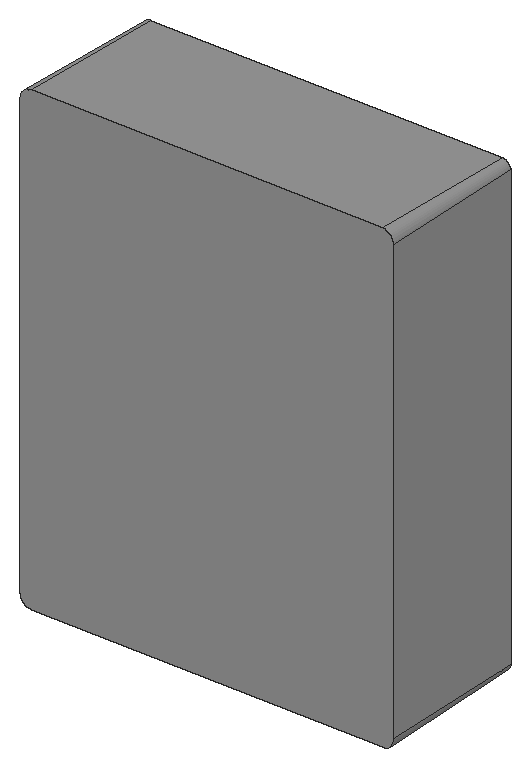
Revit family "L&L_LUCE&LIGHT_PASITO_MINI_1.2", category Lighting Fixtures, host Wall, Revit 2018 (continued)
Parameters (values of type "PASITO_MINI_1.2 – 60°")
    \n12.89 16.72 21.08 26.29 33.01 40.59 48.41 55.57 60.54 \r\n64.26 67.62 70.80 73.95 77.25 80.47 83.46 86.51 89.68 \r\n92.64 95.45 98.31 101.04 103.60 106.25 108.59 111.04 \r\n113.36 115.34 117.24 119.10 120.81 122.32 123.56 124.68 \r\n125.69 126.55 127.21 127.63 127.96 127.94 127.75 127.50 \r\n127.07 126.49 125.70 124.71 123.59 122.31 120.85 119.20 \r\n117.35 115.26 112.91 110.29 107.41 104.21 100.68 96.76 \r\n92.48 87.88 82.91 77.58 72.09 66.58 61.17 55.99 51.18 \r\n46.81 42.85 39.34 36.27 33.60 31.26 29.21 27.41 25.83 \r\n24.43 23.19 22.09 21.10 20.20 19.38 18.61 17.87 17.18 \r\n16.53 15.93 15.37 14.86 14.39 13.96 13.56 13.18 12.84 \r\n12.53 12.24 11.96 11.72 11.50 11.29 11.09 10.91 10.74 \r\n10.58 10.42 10.21 9.94 9.65 9.38 9.13 8.92 8.74 8.56 8.39 \r\n8.20 7.98 7.78 7.60 7.42 7.25 7.05 6.85 6.66 6.47 6.29 \r\n6.07 5.90 5.72 5.53 5.35 5.15 4.97 4.80 4.62 4.43 4.26 \r\n4.07 3.90 3.73 3.55 3.38 3.22 3.06 2.89 2.73 2.58 2.43 \r\n2.28 2.13 1.99 1.86 1.73 1.59 1.46 1.33 1.22 1.11 1.00 \r\n0.89 0.78 0.68 0.58 0.49 0.40 0.31 0.23 0.15 0.07 0.02 \r\n0.02 \r\n0.01 0.08 0.54 1.22 1.58 2.09 3.12 4.48 6.29 8.49 11.12 \r\n14.63 18.91 23.85 30.31 38.10 46.23 54.34 60.48 64.66 \r\n68.37 71.94 75.40 79.11 82.69 86.09 89.65 93.26 96.62 \r\n99.78 103.04 106.34 109.51 112.40 115.19 118.14 120.89 \r\n123.34 125.74 127.96 129.97 131.92 133.54 134.84 136.03 \r\n137.13 138.02 138.60 138.97 139.31 139.37 139.10 138.83 \r\n138.40 137.69 136.87 135.87 134.69 133.36 131.84 130.08 \r\n128.08 125.83 123.32 120.46 117.24 113.64 109.62 105.14 \r\n100.18 94.71 88.89 82.89 76.80 70.71 64.82 59.20 53.96 \r\n49.25 45.04 41.30 38.01 35.14 32.63 30.44 28.52 26.84 \r\n25.36 24.04 22.88 21.83 20.88 20.01 19.21 18.46 17.74 \r\n17.06 16.44 15.87 15.35 14.87 14.43 14.02 13.65 13.30 \r\n12.98 12.69 12.41 12.16 11.93 11.72 11.52 11.35 11.17 \r\n11.00 10.83 10.68 10.48 10.19 9.90 9.65 9.41 9.16 8.97 \r\n8.78 8.58 8.41 8.19 7.98 7.79 7.59 7.42 7.21 7.00 6.83 \r\n6.62 6.42 6.21 6.02 5.83 5.63 5.45 5.24 5.06 4.86 4.68 \r\n4.49 4.30 4.13 3.93 3.74 3.58 3.40 3.22 3.05 2.88 2.72 \r\n2.56 2.41 2.26 2.10 1.96 1.82 1.68 1.54 1.40 1.28 1.16 \r\n1.05 0.93 0.82 0.71 0.61 0.51 0.41 0.32 0.24 0.16 0.08 \r\n0.02 0.02 \r\n0.01 0.08 0.58 1.28 1.61 2.21 3.33 4.79 6.75 9.14 12.14 \r\n16.07 20.69 26.38 33.86 42.32 50.92 58.82 63.91 67.94 \r\n71.90 75.61 79.55 83.57 87.32 91.24 95.22 98.92 102.40 \r\n106.00 109.76 113.26 116.72 120.13 123.31 126.38 129.18 \r\n131.86 134.40 136.60 138.68 140.60 142.24 143.54 144.69 \r\n145.65 146.36 146.79 146.98 147.00 146.85 146.46 145.90 \r\n145.16 144.26 143.20 142.02 140.72 139.22 137.55 135.67 \r\n133.56 131.21 128.64 125.63 122.19 118.41 114.14 109.43 \r\n104.23 98.48 92.27 85.90 79.52 73.08 66.98 61.34 55.94 \r\n51.00 46.61 42.73 39.32 36.33 33.70 31.42 29.43 27.67 \r\n26.11 24.72 23.50 22.40 21.41 20.52 19.69 18.90 18.15 \r\n17.46 16.84 16.25 15.72 15.24 14.79 14.38 14.01 13.66 \r\n13.34 13.03 12.75 12.50 12.27 12.05 11.86 11.67 11.49 \r\n11.33 11.16 10.99 10.83 10.62 10.31 10.01 9.78 9.53 9.29 \r\n9.12 8.91 8.70 8.52 8.30 8.08 7.91 7.68 7.50 7.29 7.07 \r\n6.91 6.68 6.47 6.27 6.05 5.87 5.65 5.47 5.26 5.07 4.87 \r\n4.67 4.50 4.29 4.10 3.92 3.71 3.53 3.37 3.18 3.01 2.84 \r\n2.67 2.51 2.35 2.19 2.04 1.90 1.75 1.60 1.46 1.33 1.21 \r\n1.08 0.96 0.85 0.73 0.63 0.53 0.43 0.34 0.25 0.16 0.08 \r\n0.02 0.02 \r\n0.01 0.08 0.60 1.32 1.62 2.30 3.49 5.03 7.10 9.63 12.92 \r\n17.09 22.01 28.41 36.51 45.51 54.42 61.54 66.30 70.53 \r\n74.59 78.55 82.94 87.09 91.15 95.48 99.57 103.31 107.30 \r\n111.39 115.10 119.02 122.86 126.22 129.53 132.65 135.56 \r\n138.40 140.80 142.97 145.10 146.79 148.09 149.31 150.15 \r\n150.65 151.00 151.08 150.94 150.55 150.01 149.24 148.32 \r\n147.25 146.04 144.70 143.28 141.71 139.95 138.17 136.17 \r\n133.84 131.46 128.82 125.71 122.26 118.50 114.29 109.47 \r\n104.42 98.89 92.69 86.26 80.09 74.02 67.91 62.23 56.76 \r\n51.81 47.56 43.62 40.15 37.12 34.47 32.12 30.05 28.23 \r\n26.62 25.20 23.94 22.81 21.79 20.87 20.02 19.21 18.43 \r\n17.72 17.09 16.51 15.96 15.47 15.03 14.62 14.24 13.88 \r\n13.56 13.26 12.99 12.74 12.50 12.28 12.07 11.89 11.72 \r\n11.56 11.39 11.22 11.06 10.90 10.64 10.33 10.04 9.81 9.55 \r\n9.33 9.16 8.92 8.72 8.55 8.30 8.11 7.92 7.67 7.50 7.27 \r\n7.07 6.89 6.64 6.46 6.23 6.03 5.83 5.62 5.42 5.20 5.01 \r\n4.82 4.62 4.42 4.23 4.02 3.86 3.63 3.46 3.29 3.10 2.93 \r\n2.75 2.59 2.42 2.25 2.10 1.95 1.80 1.65 1.50 1.37 1.24 \r\n1.11 0.99 0.87 0.75 0.65 0.54 0.44 0.35 0.25 0.17 0.09 \r\n0.02 0.02 \r\n0.01 0.08 0.61 1.36 1.62 2.34 3.58 5.15 7.30 9.92 13.41 \r\n17.70 22.86 29.79 38.15 47.47 56.28 63.09 67.91 72.24 \r\n76.34 80.71 85.33 89.55 93.95 98.45 102.53 106.73 111.17 \r\n115.20 119.14 123.14 126.87 130.55 134.02 137.12 140.05 \r\n142.75 145.03 147.12 148.92 150.35 151.48 152.23 152.71 \r\n152.83 152.78 152.44 151.79 150.97 149.95 148.78 147.42 \r\n146.04 144.49 142.78 141.01 139.22 137.33 135.32 133.17 \r\n130.91 128.53 125.76 122.74 119.56 115.79 111.80 107.35 \r\n102.32 97.12 91.49 85.68 79.67 73.61 67.89 62.19 57.07 \r\n52.14 47.89 43.98 40.63 37.50 34.77 32.42 30.39 28.55 \r\n26.90 25.47 24.18 23.03 22.00 21.06 20.20 19.38 18.61 \r\n17.91 17.24 16.63 16.10 15.61 15.16 14.75 14.37 14.02 \r\n13.69 13.39 13.11 12.86 12.63 12.41 12.20 12.02 11.84 \r\n11.69 11.52 11.35 11.20 11.05 10.83 10.53 10.23 9.98 9.74 \r\n9.47 9.30 9.10 8.85 8.67 8.46 8.22 8.07 7.81 7.61 7.44 \r\n7.18 7.00 6.77 6.56 6.36 6.13 5.94 5.72 5.53 5.31 5.10 \r\n4.91 4.71 4.51 4.31 4.11 3.92 3.73 3.52 3.35 3.17 2.98 \r\n2.81 2.63 2.47 2.30 2.13 1.99 1.83 1.67 1.53 1.39 1.25 \r\n1.13 1.00 0.88 0.76 0.66 0.55 0.45 0.35 0.26 0.17 0.09 \r\n0.02 0.02 \r\n0.01 0.07 0.61 1.37 1.61 2.34 3.61 5.15 7.35 10.00 13.56 \r\n17.85 23.13 30.27 38.68 48.30 56.88 63.91 68.76 73.04 \r\n77.30 81.95 86.66 90.90 95.58 100.07 104.38 108.87 113.38 \r\n117.57 121.60 125.60 129.47 133.30 136.84 139.95 142.83 \r\n145.49 147.73 149.64 151.14 152.34 153.09 153.50 153.58 \r\n153.37 152.85 152.03 151.03 149.87 148.29 146.75 145.09 \r\n143.35 141.44 139.58 137.72 135.72 133.76 131.71 129.65 \r\n127.45 125.00 122.38 119.63 116.52 112.94 109.19 104.84 \r\n100.28 95.45 89.79 84.38 78.94 72.98 67.29 62.11 56.91 \r\n52.31 47.94 44.20 40.79 37.69 35.03 32.70 30.56 28.71 \r\n27.04 25.56 24.25 23.09 22.05 21.12 20.26 19.44 18.68 \r\n17.96 17.30 16.73 16.20 15.69 15.22 14.81 14.42 14.06 \r\n13.75 13.45 13.17 12.91 12.68 12.47 12.26 12.08 11.90 \r\n11.74 11.57 11.41 11.26 11.11 10.92 10.65 10.34 10.07 \r\n9.83 9.57 9.35 9.18 8.93 8.73 8.55 8.30 8.12 7.93 7.67 \r\n7.50 7.27 7.06 6.86 6.61 6.44 6.20 5.99 5.79 5.57 5.37 \r\n5.15 4.97 4.75 4.58 4.35 4.16 3.95 3.75 3.57 3.37 3.20 \r\n3.02 2.83 2.65 2.48 2.32 2.14 2.00 1.84 1.68 1.53 1.40 \r\n1.26 1.13 1.01 0.89 0.77 0.67 0.56 0.45 0.36 0.26 0.17 \r\n0.09 0.02 0.02 \r\n0.01 0.07 0.60 1.38 1.59 2.30 3.58 5.06 7.25 9.87 13.39 \r\n17.59 22.85 29.92 38.17 48.02 56.36 64.00 68.91 73.06 \r\n77.53 82.27 87.08 91.29 96.10 100.56 105.23 109.61 114.22 \r\n118.77 122.65 127.01 130.67 134.63 138.33 141.58 144.51 \r\n147.34 149.81 151.75 153.30 154.55 155.28 155.78 155.84 \r\n155.59 154.99 154.15 152.98 151.73 150.17 148.42 146.67 \r\n144.85 142.81 140.85 138.90 136.77 134.63 132.73 130.51 \r\n128.17 126.04 123.42 120.72 117.63 114.37 110.54 106.89 \r\n102.33 97.32 92.27 86.94 81.13 75.20 70.13 64.53 59.58 \r\n54.69 50.20 46.36 42.67 39.78 36.84 34.40 32.25 30.21 \r\n28.39 26.89 25.52 23.07 22.39 21.40 20.55 19.69 18.92 \r\n18.17 17.56 16.89 16.35 15.86 15.38 14.97 14.52 14.16 \r\n13.86 13.55 13.26 13.03 12.78 12.57 12.36 12.19 12.00 \r\n11.84 11.69 11.52 11.36 11.22 11.03 10.72 10.39 10.15 \r\n9.92 9.62 9.43 9.28 8.99 8.82 8.61 8.34 8.19 7.93 7.73 \r\n7.56 7.29 7.10 6.89 6.64 6.50 6.21 6.04 5.79 5.61 5.38 \r\n5.17 4.99 4.77 4.60 4.38 4.16 3.98 3.73 3.59 3.37 3.21 \r\n3.03 2.83 2.65 2.48 2.33 2.15 2.00 1.85 1.69 1.53 1.41 \r\n1.27 1.14 1.01 0.89 0.77 0.67 0.56 0.45 0.36 0.26 0.17 \r\n0.09 0.02 0.02 \r\n0.01 0.07 0.61 1.37 1.61 2.34 3.61 5.15 7.35 10.00 13.56 \r\n17.85 23.13 30.27 38.68 48.30 56.88 63.91 68.76 73.04 \r\n77.30 81.95 86.66 90.90 95.58 100.07 104.38 108.87 113.38 \r\n117.57 121.60 125.60 129.47 133.30 136.84 139.95 142.83 \r\n145.49 147.73 149.64 151.14 152.34 153.09 153.50 153.58 \r\n153.37 152.85 152.03 151.03 149.87 148.29 146.75 145.09 \r\n143.35 141.44 139.58 137.72 135.72 133.76 131.71 129.65 \r\n127.45 125.00 122.38 119.63 116.52 112.94 109.19 104.84 \r\n100.28 95.45 89.79 84.38 78.94 72.98 67.29 62.11 56.91 \r\n52.31 47.94 44.20 40.79 37.69 35.03 32.70 30.56 28.71 \r\n27.04 25.56 24.25 23.09 22.05 21.12 20.26 19.44 18.68 \r\n17.96 17.30 16.73 16.20 15.69 15.22 14.81 14.42 14.06 \r\n13.75 13.45 13.17 12.91 12.68 12.47 12.26 12.08 11.90 \r\n11.74 11.57 11.41 11.26 11.11 10.92 10.65 10.34 10.07 \r\n9.83 9.57 9.35 9.18 8.93 8.73 8.55 8.30 8.12 7.93 7.67 \r\n7.50 7.27 7.06 6.86 6.61 6.44 6.20 5.99 5.79 5.57 5.37 \r\n5.15 4.97 4.75 4.58 4.35 4.16 3.95 3.75 3.57 3.37 3.20 \r\n3.02 2.83 2.65 2.48 2.32 2.14 2.00 1.84 1.68 1.53 1.40 \r\n1.26 1.13 1.01 0.89 0.77 0.67 0.56 0.45 0.36 0.26 0.17 \r\n0.09 0.02 0.02 \r\n0.01 0.08 0.61 1.36 1.62 2.34 3.58 5.15 7.30 9.92 13.41 \r\n17.70 22.86 29.79 38.15 47.47 56.28 63.09 67.91 72.24 \r\n76.34 80.71 85.33 89.55 93.95 98.45 102.53 106.73 111.17 \r\n115.20 119.14 123.14 126.87 130.55 134.02 137.12 140.05 \r\n142.75 145.03 147.12 148.92 150.35 151.48 152.23 152.71 \r\n152.83 152.78 152.44 151.79 150.97 149.95 148.78 147.42 \r\n146.04 144.49 142.78 141.01 139.22 137.33 135.32 133.17 \r\n130.91 128.53 125.76 122.74 119.56 115.79 111.80 107.35 \r\n102.32 97.12 91.49 85.68 79.67 73.61 67.89 62.19 57.07 \r\n52.14 47.89 43.98 40.63 37.50 34.77 32.42 30.39 28.55 \r\n26.90 25.47 24.18 23.03 22.00 21.06 20.20 19.38 18.61 \r\n17.91 17.24 16.63 16.10 15.61 15.16 14.75 14.37 14.02 \r\n13.69 13.39 13.11 12.86 12.63 12.41 12.20 12.02 11.84 \r\n11.69 11.52 11.35 11.20 11.05 10.83 10.53 10.23 9.98 9.74 \r\n9.47 9.30 9.10 8.85 8.67 8.46 8.22 8.07 7.81 7.61 7.44 \r\n7.18 7.00 6.77 6.56 6.36 6.13 5.94 5.72 5.53 5.31 5.10 \r\n4.91 4.71 4.51 4.31 4.11 3.92 3.73 3.52 3.35 3.17 2.98 \r\n2.81 2.63 2.47 2.30 2.13 1.99 1.83 1.67 1.53 1.39 1.25 \r\n1.13 1.00 0.88 0.76 0.66 0.55 0.45 0.35 0.26 0.17 0.09 \r\n0.02 0.02 \r\n0.01 0.08 0.60 1.32 1.62 2.30 3.49 5.03 7.10 9.63 12.92 \r\n17.09 22.01 28.41 36.51 45.51 54.42 61.54 66.30 70.53 \r\n74.59 78.55 82.94 87.09 91.15 95.48 99.57 103.31 107.30 \r\n111.39 115.10 119.02 122.86 126.22 129.53 132.65 135.56 \r\n138.40 140.80 142.97 145.10 146.79 148.09 149.31 150.15 \r\n150.65 151.00 151.08 150.94 150.55 150.01 149.24 148.32 \r\n147.25 146.04 144.70 143.28 141.71 139.95 138.17 136.17 \r\n133.84 131.46 128.82 125.71 122.26 118.50 114.29 109.47 \r\n104.42 98.89 92.69 86.26 80.09 74.02 67.91 62.23 56.76 \r\n51.81 47.56 43.62 40.15 37.12 34.47 32.12 30.05 28.23 \r\n26.62 25.20 23.94 22.81 21.79 20.87 20.02 19.21 18.43 \r\n17.72 17.09 16.51 15.96 15.47 15.03 14.62 14.24 13.88 \r\n13.56 13.26 12.99 12.74 12.50 12.28 12.07 11.89 11.72 \r\n11.56 11.39 11.22 11.06 10.90 10.64 10.33 10.04 9.81 9.55 \r\n9.33 9.16 8.92 8.72 8.55 8.30 8.11 7.92 7.67 7.50 7.27 \r\n7.07 6.89 6.64 6.46 6.23 6.03 5.83 5.62 5.42 5.20 5.01 \r\n4.82 4.62 4.42 4.23 4.02 3.86 3.63 3.46 3.29 3.10 2.93 \r\n2.75 2.59 2.42 2.25 2.10 1.95 1.80 1.65 1.50 1.37 1.24 \r\n1.11 0.99 0.87 0.75 0.65 0.54 0.44 0.35 0.25 0.17 0.09 \r\n0.02 0.02 \r\n0.01 0.08 0.58 1.28 1.61 2.21 3.33 4.79 6.75 9.14 12.14 \r\n16.07 20.69 26.38 33.86 42.32 50.92 58.82 63.91 67.94 \r\n71.90 75.61 79.55 83.57 87.32 91.24 95.22 98.92 102.40 \r\n106.00 109.76 113.26 116.72 120.13 123.31 126.38 129.18 \r\n131.86 134.40 136.60 138.68 140.60 142.24 143.54 144.69 \r\n145.65 146.36 146.79 146.98 147.00 146.85 146.46 145.90 \r\n145.16 144.26 143.20 142.02 140.72 139.22 137.55 135.67 \r\n133.56 131.21 128.64 125.63 122.19 118.41 114.14 109.43 \r\n104.23 98.48 92.27 85.90 79.52 73.08 66.98 61.34 55.94 \r\n51.00 46.61 42.73 39.32 36.33 33.70 31.42 29.43 27.67 \r\n26.11 24.72 23.50 22.40 21.41 20.52 19.69 18.90 18.15 \r\n17.46 16.84 16.25 15.72 15.24 14.79 14.38 14.01 13.66 \r\n13.34 13.03 12.75 12.50 12.27 12.05 11.86 11.67 11.49 \r\n11.33 11.16 10.99 10.83 10.62 10.31 10.01 9.78 9.53 9.29 \r\n9.12 8.91 8.70 8.52 8.30 8.08 7.91 7.68 7.50 7.29 7.07 \r\n6.91 6.68 6.47 6.27 6.05 5.87 5.65 5.47 5.26 5.07 4.87 \r\n4.67 4.50 4.29 4.10 3.92 3.71 3.53 3.37 3.18 3.01 2.84 \r\n2.67 2.51 2.35 2.19 2.04 1.90 1.75 1.60 1.46 1.33 1.21 \r\n1.08 0.96 0.85 0.73 0.63 0.53 0.43 0.34 0.25 0.16 0.08 \r\n0.02 0.02 \r\n0.01 0.08 0.54 1.22 1.58 2.09 3.12 4.48 6.29 8.49 11.12 \r\n14.63 18.91 23.85 30.31 38.10 46.23 54.34 60.48 64.66 \r\n68.37 71.94 75.40 79.11 82.69 86.09 89.65 93.26 96.62 \r\n99.78 103.04 106.34 109.51 112.40 115.19 118.14 120.89 \r\n123.34 125.74 127.96 129.97 131.92 133.54 134.84 136.03 \r\n137.13 138.02 138.60 138.97 139.31 139.37 139.10 138.83 \r\n138.40 137.69 136.87 135.87 134.69 133.36 131.84 130.08 \r\n128.08 125.83 123.32 120.46 117.24 113.64 109.62 105.14 \r\n100.18 94.71 88.89 82.89 76.80 70.71 64.82 59.20 53.96 \r\n49.25 45.04 41.30 38.01 35.14 32.63 30.44 28.52 26.84 \r\n25.36 24.04 22.88 21.83 20.88 20.01 19.21 18.46 17.74 \r\n17.06 16.44 15.87 15.35 14.87 14.43 14.02 13.65 13.30 \r\n12.98 12.69 12.41 12.16 11.93 11.72 11.52 11.35 11.17 \r\n11.00 10.83 10.68 10.48 10.19 9.90 9.65 9.41 9.16 8.97 \r\n8.78 8.58 8.41 8.19 7.98 7.79 7.59 7.42 7.21 7.00 6.83 \r\n6.62 6.42 6.21 6.02 5.83 5.63 5.45 5.24 5.06 4.86 4.68 \r\n4.49 4.30 4.13 3.93 3.74 3.58 3.40 3.22 3.05 2.88 2.72 \r\n2.56 2.41 2.26 2.10 1.96 1.82 1.68 1.54 1.40 1.28 1.16 \r\n1.05 0.93 0.82 0.71 0.61 0.51 0.41 0.32 0.24 0.16 0.08 \r\n0.02 0.02 \r\n0.01 0.08 0.50 1.16 1.54 1.97 2.87 4.07 5.69 7.70 10.01 \r\n12.89 16.72 21.08 26.29 33.01 40.59 48.41 55.57 60.54 \r\n64.26 67.62 70.80 73.95 77.25 80.47 83.46 86.51 89.68 \r\n92.64 95.45 98.31 101.04 103.60 106.25 108.59 111.04 \r\n113.36 115.34 117.24 119.10 120.81 122.32 123.56 124.68 \r\n125.69 126.55 127.21 127.63 127.96 127.94 127.75 127.50 \r\n127.07 126.49 125.70 124.71 123.59 122.31 120.85 119.20 \r\n117.35 115.26 112.91 110.29 107.41 104.21 100.68 96.76 \r\n92.48 87.88 82.91 77.58 72.09 66.58 61.17 55.99 51.18 \r\n46.81 42.85 39.34 36.27 33.60 31.26 29.21 27.41 25.83 \r\n24.43 23.19 22.09 21.10 20.20 19.38 18.61 17.87 17.18 \r\n16.53 15.93 15.37 14.86 14.39 13.96 13.56 13.18 12.84 \r\n12.53 12.24 11.96 11.72 11.50 11.29 11.09 10.91 10.74 \r\n10.58 10.42 10.21 9.94 9.65 9.38 9.13 8.92 8.74 8.56 8.39 \r\n8.20 7.98 7.78 7.60 7.42 7.25 7.05 6.85 6.66 6.47 6.29 \r\n6.07 5.90 5.72 5.53 5.35 5.15 4.97 4.80 4.62 4.43 4.26 \r\n4.07 3.90 3.73 3.55 3.38 3.22 3.06 2.89 2.73 2.58 2.43 \r\n2.28 2.13 1.99 1.86 1.73 1.59 1.46 1.33 1.22 1.11 1.00 \r\n0.89 0.78 0.68 0.58 0.49 0.40 0.31 0.23 0.15 0.07 0.02 \r\n0.02 \r\n0.01 0.08 0.44 1.08 1.49 1.82 2.59 3.64 5.00 6.78 8.83 \r\n11.15 14.24 18.03 22.33 27.65 34.06 41.17 48.59 55.00 \r\n59.49 62.83 65.79 68.61 71.33 74.09 76.91 79.51 82.09 \r\n84.72 87.14 89.45 91.83 94.16 96.20 98.14 100.17 102.06 \r\n103.86 105.52 107.04 108.36 109.48 110.62 111.60 112.30 \r\n112.89 113.43 113.72 113.83 113.72 113.49 113.23 112.79 \r\n112.15 111.32 110.35 109.23 107.95 106.52 104.96 103.25 \r\n101.39 99.35 97.10 94.65 91.98 89.07 85.89 82.42 78.66 \r\n74.62 70.30 65.79 61.18 56.55 52.04 47.77 43.82 40.27 \r\n37.11 34.32 31.86 29.70 27.81 26.16 24.69 23.39 22.23 \r\n21.18 20.24 19.40 18.62 17.89 17.18 16.51 15.88 15.29 \r\n14.75 14.24 13.79 13.36 12.96 12.59 12.25 11.94 11.66 \r\n11.40 11.16 10.94 10.74 10.55 10.37 10.21 10.04 9.81 9.55 \r\n9.26 9.00 8.76 8.57 8.41 8.26 8.07 7.87 7.67 7.49 7.33 \r\n7.18 6.99 6.78 6.60 6.43 6.26 6.07 5.89 5.71 5.54 5.36 \r\n5.18 5.01 4.84 4.66 4.48 4.31 4.14 3.98 3.81 3.63 3.48 \r\n3.32 3.17 3.01 2.85 2.71 2.56 2.41 2.27 2.14 2.00 1.88 \r\n1.74 1.61 1.48 1.36 1.25 1.15 1.04 0.93 0.83 0.73 0.64 \r\n0.55 0.46 0.37 0.29 0.21 0.14 0.06 0.02 0.02 \r\n0.01 0.08 0.38 0.97 1.43 1.70 2.29 3.18 4.29 5.73 7.55 \r\n9.52 11.82 14.84 18.45 22.56 27.60 33.40 39.87 46.73 \r\n52.80 57.39 60.47 62.96 65.37 67.74 69.93 72.13 74.37 \r\n76.40 78.50 80.51 82.32 84.08 85.82 87.46 88.92 90.35 \r\n91.74 93.06 94.25 95.21 96.05 96.90 97.57 98.06 98.46 \r\n98.68 98.77 98.76 98.60 98.25 97.82 97.30 96.60 95.78 \r\n94.79 93.65 92.50 91.24 89.82 88.26 86.51 84.67 82.73 \r\n80.64 78.45 76.16 73.69 71.00 68.10 65.00 61.70 58.22 \r\n54.61 50.94 47.31 43.80 40.49 37.44 34.67 32.19 30.00 \r\n28.06 26.33 24.81 23.45 22.25 21.17 20.19 19.30 18.50 \r\n17.75 17.05 16.38 15.73 15.12 14.55 14.02 13.53 13.08 \r\n12.65 12.26 11.91 11.57 11.26 10.97 10.71 10.47 10.26 \r\n10.07 9.89 9.72 9.52 9.29 9.02 8.75 8.
